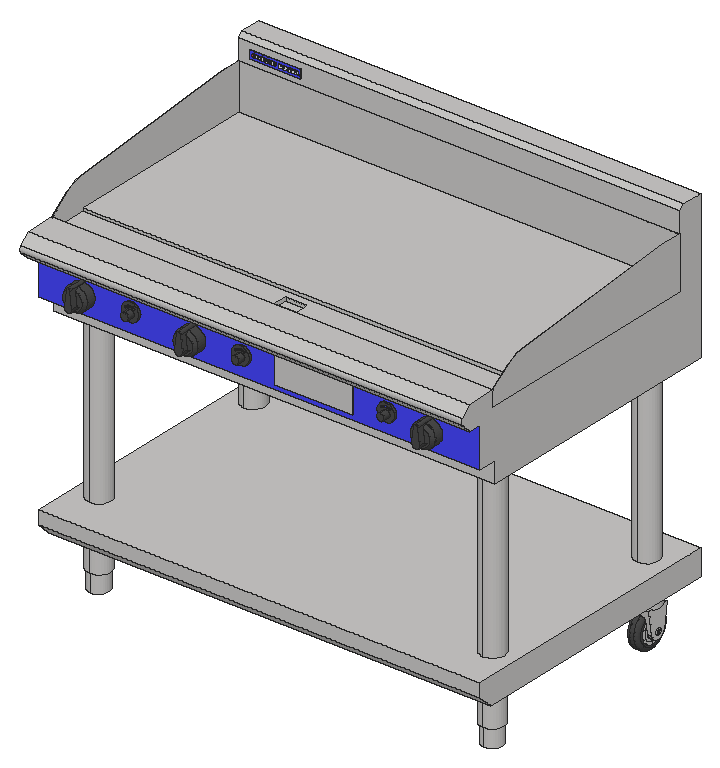
Revit family "QF_MOFFAT_BLUESEAL_CE_GP518-LS", category Specialty Equipment, Revit 2012
Parameters
  Weight in Pounds = 432  # constant formula
  Width [instance] = 1200 mm  # constant formula
  URL Cutsheet = "www.moffat.com"
  URL = "www.moffat.com"
  Type Mark [instance] = ""
  Status [instance] = ""
  Specification by User [instance] = ""
  Specification by Manufacturer = ""
  Show Logo [instance] = yes
  Show Casters [instance] = yes
  Serial Number = ""
  Seismic Rating = ""
  SMACNA No = ""
  Revision Code [instance] = ""
  Omniclass Number and Title = ""
  NAFEM Spec ID Number = ""
  Model = "GP518-LS"
  Mechanical Remarks = ""
  Mechanical Connection Type = ""
  Masterspec = ""
  Manufacturer = "MOFFAT BLUESEAL"
  Legs [instance] = not(Show Casters)  # no
  Item Number [instance] = ""
  Installed By [instance] = ""
  Identify Quantity as Lot [instance] = yes
  Height = 970 mm  # constant formula
  Gas Size = 3/4"
  Gas RI Height [instance] = 0 mm
  Gas KW = 31
  Gas Input = 105700.0 Btu/h
  Gas Connection Height = 0 mm
  Furnished By [instance] = ""
  Foodservice Equipment Identifier [instance] = yes
  Description = "1200MM GAS GRIDDLE PLATE ON LEG STAND"
  Depth [instance] = 812 mm  # constant formula
  CSI MasterFormat = ""
  CSI Master Format = ""
  Back Splash [instance] = 215 mm  # constant formula
Reference planes
  plane 1 "BACK": y = 0
  plane 2: z = 0
  plane 3 "LEFT": x = 0
  plane 4 "RIGHT": x = 1200
  plane 5 "FRONT": y = -812
  plane 6 "TOP": z = 970
  plane 7 "Center Y": x = 600
  plane 8 "Center X": y = -406
  plane 9 "Base Height": z = 150
  plane 10: z = 915
  plane 11: y = -625
  plane 12: y = -100
  plane 13: x = 1070
  plane 14: y = -32
  plane 15: z = 1085
  plane 16: x = 65.5
  plane 17: x = 1134.5
  plane 18: z = 655
Forms (mm)
  Extrusion 1, solid, material "QF_Finishes_Stainless Steel"
    sketch origin (0, 0, 0) x (0, 1, 0) y (0, 0, 1)
      loop
        line (0, 222.5) -> (-749, 222.5) -> (-749, 186) -> (-713, 150) -> (0, 150) -> (0, 222.5)
      loop
        line (0, 685) -> (0, 1085) -> (-57.5, 1085) -> (-70, 1072.5) -> (-70, 875) -> (-705, 875) -> (-705, 915) -> (-783.97, 915) -> (-808.485, 890.485)
        arc (-808.485, 890.485) -> (-811.999, 882) -> (-808.485, 873.515) r 12
        line (-808.485, 873.515) -> (-784.97, 850) -> (-749, 850) -> (-749, 740) -> (-699, 740) -> (-699, 685) -> (0, 685)
    from 0 to 1200
  Revolve 2, solid, material "QF_Finishes_Stainless Steel", visible <- "Legs"
    sketch origin (65, -210, 0) x (0, 1, 0) y (0, 0, -1)
      loop
        line (78.25, -150) -> (110, -150) -> (110, 0) -> (82.5, 0) -> (82.5, -50) -> (78.25, -50) -> (78.25, -150)
      axis (110, -150) -> (110, 0)
    angle from 0 to 360
  Revolve 3, solid, material "QF_Finishes_Stainless Steel"
    sketch origin (65, -735, 0) x (0, 1, 0) y (0, 0, -1)
      loop
        line (78.25, -150) -> (110, -150) -> (110, 0) -> (82.5, 0) -> (82.5, -50) -> (78.25, -50) -> (78.25, -150)
      axis (110, -150) -> (110, 0)
    angle from 0 to 360
  Revolve 4, solid, material "QF_Finishes_Black"
    sketch origin (127.5, 7, 597.8) x (0, 1, 0) y (0, 0, -1)
      loop
        line (-789, -229.5) -> (-766, -229.5) -> (-766, -202) -> (-756, -202) -> (-756, -197) -> (-800, -197) -> (-800, -223.651) -> (-789, -229.5)
      axis (-800, -197) -> (-756, -197)
    angle from 0 to 360
  Extrusion 5, solid, material "QF_Finishes_Black"
    sketch origin (115.851, 0, 597.958) x (-1, 0, 0) y (0, 0, -1)
      loop
        line (-22.15, -186.037) -> (-16.729, -228.955)
        arc (-16.729, -228.955) -> (-11.73, -233.842) -> (-6.732, -228.955) r 5
        line (-6.732, -228.955) -> (-1.243, -184.87)
        arc (-1.243, -184.87) -> (-12.315, -174.371) -> (-22.15, -186.037) r 10.487
    from 759 to 808
  Extrusion 6, solid, material "QF_Finishes_Stainless Steel"
    sketch origin (-38, -749, 866) x (0, 0, -1) y (1, 0, 0)
      loop
        line (25.201, 683) -> (112.1, 683) -> (112.1, 893) -> (25.201, 893) -> (25.201, 683)
    from 0 to 2.5
  Extrusion 7, solid, material "QF_Finishes_Stainless Steel"
    sketch origin (-38, -751.5, 866) x (0, 0, -1) y (1, 0, 0)
      loop
        line (32.201, 893) -> (25.201, 893) -> (25.201, 683) -> (32.201, 683) -> (32.201, 893)
    from 0 to 5
  Extrusion 8, solid, material "QF_Finishes_Stainless Steel"
    sketch origin (0, 0, 222.5) x (0, -1, 0) y (1, 0, 0)
      loop
        circle (100, 65) r 31.75
      loop
        circle (625, 65) r 31.75
      loop
        circle (100, 1135) r 31.75
      loop
        circle (625, 1135) r 31.75
    from 0 to 462.5
  Revolve 9, solid, material "QF_Finishes_Stainless Steel", visible <- "Legs"
    sketch origin (65.5, -166, 0) x (0, 1, 0) y (0, 0, 1)
      loop
        line (34.25, 150) -> (34.25, 50) -> (38.5, 50) -> (38.5, 0) -> (66, 0) -> (66, 150) -> (34.25, 150)
      axis (66, 150) -> (66, 0)
    angle from 0 to 360
  Revolve 10, solid, material "QF_Finishes_Stainless Steel", visible <- "Show Casters"
    sketch origin (16.276, -100.755, -13.653) x (1, 0, 0) y (0, 0, 1)
      loop
        line (14.841, 63.604) -> (83.584, 63.604) -> (83.584, 67.109) -> (82.314, 68.379) -> (80.79, 68.379) -> (80.79, 71.826) -> (68.644, 71.826) -> (68.644, 81.79) -> (65.088, 83.843) -> (63.738, 92.179) -> (65.881, 92.179) -> (65.881, 98.529) -> (65.088, 98.529) -> (65.088, 104.879)
        arc (65.088, 104.879) -> (62.298, 111.614) -> (55.563, 114.404) r 9.525
        line (55.563, 114.404) -> (42.863, 114.404)
        arc (42.863, 114.404) -> (36.127, 111.614) -> (33.338, 104.879) r 9.525
        line (33.338, 104.879) -> (33.338, 98.529) -> (32.544, 98.529) -> (32.544, 92.179) -> (34.687, 92.179) -> (33.352, 83.932) -> (29.782, 81.871) -> (29.782, 71.826) -> (17.635, 71.826) -> (17.635, 68.379) -> (16.111, 68.379) -> (14.841, 67.109) -> (14.841, 63.604)
      axis (14.841, 63.604) -> (83.584, 63.604)
    angle from 0 to 360
  Extrusion 11, solid, material "QF_Finishes_Stainless Steel", visible <- "Show Casters"
    sketch origin (72.001, 132.353, -8.783) x (0, 1, 0) y (0, 0, 1)
      loop
        line (-200.603, 118.783) -> (-264.103, 118.783) -> (-251.746, 53.895)
        arc (-251.746, 53.895) -> (-232.353, 38.783) -> (-212.959, 53.895) r 20
        line (-212.959, 53.895) -> (-200.603, 118.783)
    from -35.667 to 22.923
  Revolve 12, solid, material "QF_Finishes_Stainless Steel", visible <- "Show Casters"
    sketch origin (65.5, -204, 0) x (0, 1, 0) y (0, 0, 1)
      loop
        line (68.25, 150) -> (68.25, 110) -> (104, 110) -> (104, 150) -> (68.25, 150)
      axis (104, 150) -> (104, 110)
    angle from 0 to 360
  Revolve 13, solid, material "QF_Finishes_Stainless Steel", visible <- "Legs"
    sketch origin (65.5, -166, 0) x (0, 1, 0) y (0, 0, 1)
      loop
        line (34.25, 150) -> (34.25, 50) -> (38.5, 50) -> (38.5, 0) -> (66, 0) -> (66, 150) -> (34.25, 150)
      axis (66, 150) -> (66, 0)
    angle from 0 to 360
  Revolve 14, solid, material "QF_Finishes_Black"
    sketch origin (427.5, 7, 597.8) x (0, 1, 0) y (0, 0, -1)
      loop
        line (-789, -229.5) -> (-766, -229.5) -> (-766, -202) -> (-756, -202) -> (-756, -197) -> (-800, -197) -> (-800, -223.651) -> (-789, -229.5)
      axis (-800, -197) -> (-756, -197)
    angle from 0 to 360
  Extrusion 15, solid, material "QF_Finishes_Black"
    sketch origin (116.042, 0, 597.953) x (-1, 0, 0) y (0, 0, -1)
      loop
        line (-322.15, -186.037) -> (-316.729, -228.955)
        arc (-316.729, -228.955) -> (-311.73, -233.842) -> (-306.732, -228.955) r 5
        line (-306.732, -228.955) -> (-301.243, -184.87)
        arc (-301.243, -184.87) -> (-312.315, -174.371) -> (-322.15, -186.037) r 10.487
    from 759 to 808
  Revolve 16, solid, material "QF_Finishes_Stainless Steel", visible <- "Legs"
    sketch origin (1134, -210, 0) x (0, 1, 0) y (0, 0, -1)
      loop
        line (78.25, -150) -> (110, -150) -> (110, 0) -> (82.5, 0) -> (82.5, -50) -> (78.25, -50) -> (78.25, -150)
      axis (110, -150) -> (110, 0)
    angle from 0 to 360
  Revolve 17, solid, material "QF_Finishes_Stainless Steel"
    sketch origin (1134, -735, 0) x (0, 1, 0) y (0, 0, -1)
      loop
        line (78.25, -150) -> (110, -150) -> (110, 0) -> (82.5, 0) -> (82.5, -50) -> (78.25, -50) -> (78.25, -150)
      axis (110, -150) -> (110, 0)
    angle from 0 to 360
  Revolve 18, solid, material "QF_Finishes_Stainless Steel", visible <- "Legs"
    sketch origin (1134.5, -166, 0) x (0, 1, 0) y (0, 0, 1)
      loop
        line (34.25, 150) -> (34.25, 50) -> (38.5, 50) -> (38.5, 0) -> (66, 0) -> (66, 150) -> (34.25, 150)
      axis (66, 150) -> (66, 0)
    angle from 0 to 360
  Revolve 19, solid, material "QF_Finishes_Stainless Steel", visible <- "Show Casters"
    sketch origin (1085.276, -100.755, -13.653) x (1, 0, 0) y (0, 0, 1)
      loop
        line (14.841, 63.604) -> (83.584, 63.604) -> (83.584, 67.109) -> (82.314, 68.379) -> (80.79, 68.379) -> (80.79, 71.826) -> (68.644, 71.826) -> (68.644, 81.79) -> (65.088, 83.843) -> (63.738, 92.179) -> (65.881, 92.179) -> (65.881, 98.529) -> (65.088, 98.529) -> (65.088, 104.879)
        arc (65.088, 104.879) -> (62.298, 111.614) -> (55.563, 114.404) r 9.525
        line (55.563, 114.404) -> (42.863, 114.404)
        arc (42.863, 114.404) -> (36.127, 111.614) -> (33.338, 104.879) r 9.525
        line (33.338, 104.879) -> (33.338, 98.529) -> (32.544, 98.529) -> (32.544, 92.179) -> (34.687, 92.179) -> (33.352, 83.932) -> (29.782, 81.871) -> (29.782, 71.826) -> (17.635, 71.826) -> (17.635, 68.379) -> (16.111, 68.379) -> (14.841, 67.109) -> (14.841, 63.604)
      axis (14.841, 63.604) -> (83.584, 63.604)
    angle from 0 to 360
  Extrusion 20, solid, material "QF_Finishes_Stainless Steel", visible <- "Show Casters"
    sketch origin (1141.001, 132.353, -8.783) x (0, 1, 0) y (0, 0, 1)
      loop
        line (-200.603, 118.783) -> (-264.103, 118.783) -> (-251.746, 53.895)
        arc (-251.746, 53.895) -> (-232.353, 38.783) -> (-212.959, 53.895) r 20
        line (-212.959, 53.895) -> (-200.603, 118.783)
    from -35.667 to 22.923
  Revolve 21, solid, material "QF_Finishes_Stainless Steel", visible <- "Show Casters"
    sketch origin (1134.5, -204, 0) x (0, 1, 0) y (0, 0, 1)
      loop
        line (68.25, 150) -> (68.25, 110) -> (104, 110) -> (104, 150) -> (68.25, 150)
      axis (104, 150) -> (104, 110)
    angle from 0 to 360
  Revolve 22, solid, material "QF_Finishes_Stainless Steel", visible <- "Legs"
    sketch origin (1134.5, -166, 0) x (0, 1, 0) y (0, 0, 1)
      loop
        line (34.25, 150) -> (34.25, 50) -> (38.5, 50) -> (38.5, 0) -> (66, 0) -> (66, 150) -> (34.25, 150)
      axis (66, 150) -> (66, 0)
    angle from 0 to 360
  Revolve 23, solid, material "QF_Finishes_Black"
    sketch origin (1072.616, 7, 597.8) x (0, 1, 0) y (0, 0, -1)
      loop
        line (-789, -229.5) -> (-766, -229.5) -> (-766, -202) -> (-756, -202) -> (-756, -197) -> (-800, -197) -> (-800, -223.651) -> (-789, -229.5)
      axis (-800, -197) -> (-756, -197)
    angle from 0 to 360
  Extrusion 24, solid, material "QF_Finishes_Black"
    sketch origin (761.158, 0, 597.953) x (-1, 0, 0) y (0, 0, -1)
      loop
        line (-322.15, -186.037) -> (-316.729, -228.955)
        arc (-316.729, -228.955) -> (-311.73, -233.842) -> (-306.732, -228.955) r 5
        line (-306.732, -228.955) -> (-301.243, -184.87)
        arc (-301.243, -184.87) -> (-312.315, -174.371) -> (-322.15, -186.037) r 10.487
    from 759 to 808
  Extrusion 25, solid, material "QF_Finishes_Black"
    sketch origin (17.5, -749, 864.095) x (0, 0, -1) y (1, 0, 0)
      loop
        circle (70, 235) r 24
      loop
        arc (60.1, 249.913) -> (52.064, 235.125) -> (59.882, 220.219) r 17.868
        arc (59.882, 220.219) -> (60.362, 219.934) -> (60.877, 220.149) r 0.621
        arc (60.877, 220.149) -> (62.314, 222.708) -> (62.658, 225.622) r 7.495
        arc (62.658, 225.622) -> (62.454, 226.55) -> (62.006, 227.388) r 3.472
        arc (62.006, 227.388) -> (59.714, 234.851) -> (61.844, 242.362) r 13.786
        arc (61.844, 242.362) -> (62.484, 243.632) -> (62.749, 245.028) r 5.101
        arc (62.749, 245.028) -> (62.378, 247.547) -> (61.084, 249.739) r 6.611
        arc (61.084, 249.739) -> (60.622, 249.997) -> (60.1, 249.913) r 0.806
    from 0 to 5
  Extrusion 26, solid, material "QF_Finishes_Black"
    sketch origin (17.5, -754, 864.095) x (0, 0, -1) y (1, 0, 0)
      loop
        circle (73.5, 235) r 10
    from 0 to 18.251
  Extrusion 27, solid, material "QF_Finishes_Black"
    sketch origin (318.125, -749, 864.095) x (0, 0, -1) y (1, 0, 0)
      loop
        circle (70, 235) r 24
      loop
        arc (60.1, 249.913) -> (52.064, 235.125) -> (59.882, 220.219) r 17.868
        arc (59.882, 220.219) -> (60.362, 219.934) -> (60.877, 220.149) r 0.621
        arc (60.877, 220.149) -> (62.314, 222.708) -> (62.658, 225.622) r 7.495
        arc (62.658, 225.622) -> (62.454, 226.55) -> (62.006, 227.388) r 3.472
        arc (62.006, 227.388) -> (59.714, 234.851) -> (61.844, 242.362) r 13.786
        arc (61.844, 242.362) -> (62.484, 243.632) -> (62.749, 245.028) r 5.101
        arc (62.749, 245.028) -> (62.378, 247.547) -> (61.084, 249.739) r 6.611
        arc (61.084, 249.739) -> (60.622, 249.997) -> (60.1, 249.913) r 0.806
    from 0 to 5
  Extrusion 28, solid, material "QF_Finishes_Black"
    sketch origin (318.125, -754, 864.095) x (0, 0, -1) y (1, 0, 0)
      loop
        circle (73.5, 235) r 10
    from 0 to 18.251
  Extrusion 29, solid, material "QF_Finishes_Black"
    sketch origin (713.125, -749, 864.095) x (0, 0, -1) y (1, 0, 0)
      loop
        circle (70, 235) r 24
      loop
        arc (60.1, 249.913) -> (52.064, 235.125) -> (59.882, 220.219) r 17.868
        arc (59.882, 220.219) -> (60.362, 219.934) -> (60.877, 220.149) r 0.621
        arc (60.877, 220.149) -> (62.314, 222.708) -> (62.658, 225.622) r 7.495
        arc (62.658, 225.622) -> (62.454, 226.55) -> (62.006, 227.388) r 3.472
        arc (62.006, 227.388) -> (59.714, 234.851) -> (61.844, 242.362) r 13.786
        arc (61.844, 242.362) -> (62.484, 243.632) -> (62.749, 245.028) r 5.101
        arc (62.749, 245.028) -> (62.378, 247.547) -> (61.084, 249.739) r 6.611
        arc (61.084, 249.739) -> (60.622, 249.997) -> (60.1, 249.913) r 0.806
    from 0 to 5
  Extrusion 30, solid, material "QF_Finishes_Black"
    sketch origin (713.125, -754, 864.095) x (0, 0, -1) y (1, 0, 0)
      loop
        circle (73.5, 235) r 10
    from 0 to 18.251
  Extrusion 31, solid, material "QF_Finishes_Stainless Steel"
    sketch origin (0, -706, 685) x (1, 0, 0) y (0, -1, 0)
      loop
        circle (1070, -674) r 9.525
    from 0 to 30
Cuts and joins
  joined: Extrusion 6, Extrusion 7
Lines and regions (mm)
  Split face 1
    outline origin (457, -751.5, 753.9) x (1, 0, 0) y (0, 0, 1)
      loop
        arc (300, 69) -> (304, 73) -> (300, 77) r 4
        line (300, 77) -> (286, 77)
        arc (286, 77) -> (282, 73) -> (286, 69) r 4
        line (286, 69) -> (300, 69)
  symbolic lines
    curve 1: line (0, 0, 0) -> (0, -812, 0)
    curve 2: line (1200, 0, 0) -> (0, 0, 0)
    curve 3: line (1200, -812, 0) -> (1200, 0, 0)
    curve 4: line (0, -70, 0) -> (1200, -70, 0)
    curve 5: line (0, -812, 0) -> (1200, -812, 0)
    curve 10: line (0, -57.5, 0) -> (1200, -57.5, 0)
    curve 11: line (0, -783.97, 0) -> (1200, -783.97, 0)
    curve 12: line (636.021, -18.385, 0) -> (863.979, -18.385, 0)
    curve 13: arc (863.979, -18.385, 0) -> (868.979, -19.725, 0) -> (872.64, -23.385, 0) r 10
    curve 14: line (872.64, -23.385, 0) -> (876.681, -30.385, 0)
    curve 15: arc (876.681, -30.385, 0) -> (876.681, -40.385, 0) -> (868.021, -45.385, 0) r 10
    curve 16: line (868.021, -45.385, 0) -> (640.062, -45.385, 0)
    curve 17: arc (640.062, -45.385, 0) -> (635.062, -44.045, 0) -> (631.402, -40.385, 0) r 10
    curve 18: line (631.402, -40.385, 0) -> (627.36, -33.385, 0)
    curve 19: arc (627.36, -33.385, 0) -> (627.36, -23.385, 0) -> (636.021, -18.385, 0) r 10
    curve 20: line (336.021, -18.385, 0) -> (563.979, -18.385, 0)
    curve 21: arc (563.979, -18.385, 0) -> (568.979, -19.725, 0) -> (572.64, -23.385, 0) r 10
    curve 22: line (572.64, -23.385, 0) -> (576.681, -30.385, 0)
    curve 23: arc (576.681, -30.385, 0) -> (576.681, -40.385, 0) -> (568.021, -45.385, 0) r 10
    curve 24: line (568.021, -45.385, 0) -> (340.062, -45.385, 0)
    curve 25: arc (340.062, -45.385, 0) -> (335.062, -44.045, 0) -> (331.402, -40.385, 0) r 10
    curve 26: line (331.402, -40.385, 0) -> (327.36, -33.385, 0)
    curve 27: arc (327.36, -33.385, 0) -> (327.36, -23.385, 0) -> (336.021, -18.385, 0) r 10
    curve 28: line (44, -18.385, 0) -> (271.959, -18.385, 0)
    curve 29: arc (271.959, -18.385, 0) -> (276.959, -19.725, 0) -> (280.619, -23.385, 0) r 10
    curve 30: line (280.619, -23.385, 0) -> (284.66, -30.385, 0)
    curve 31: arc (284.66, -30.385, 0) -> (284.66, -40.385, 0) -> (276, -45.385, 0) r 10
    curve 32: line (276, -45.385, 0) -> (48.041, -45.385, 0)
    curve 33: arc (48.041, -45.385, 0) -> (43.041, -44.045, 0) -> (39.381, -40.385, 0) r 10
    curve 34: line (39.381, -40.385, 0) -> (35.34, -33.385, 0)
    curve 35: arc (35.34, -33.385, 0) -> (35.34, -23.385, 0) -> (44, -18.385, 0) r 10
    curve 36: line (1161.959, -18.385, 0) -> (934, -18.385, 0)
    curve 37: arc (934, -18.385, 0) -> (925.34, -23.385, 0) -> (925.34, -33.385, 0) r 10
    curve 38: line (925.34, -33.385, 0) -> (929.381, -40.385, 0)
    curve 39: arc (929.381, -40.385, 0) -> (933.041, -44.045, 0) -> (938.041, -45.385, 0) r 10
    curve 40: line (938.041, -45.385, 0) -> (1166, -45.385, 0)
    curve 41: arc (1166, -45.385, 0) -> (1174.66, -40.385, 0) -> (1174.66, -30.385, 0) r 10
    curve 42: line (1174.66, -30.385, 0) -> (1170.619, -23.385, 0)
    curve 43: arc (1170.619, -23.385, 0) -> (1166.959, -19.725, 0) -> (1161.959, -18.385, 0) r 10
  symbolic lines, style "SpecialityEquipmentHiddenLines", visible <- "Show Casters"
    curve 6: line (78.456, -46.735, 0) -> (105.952, -62.61, 0)
    curve 7: line (27.656, -134.723, 0) -> (78.456, -46.735, 0)
    curve 8: line (55.152, -150.598, 0) -> (27.656, -134.723, 0)
    curve 9: line (105.952, -62.61, 0) -> (55.152, -150.598, 0)
    curve 44: line (1147.456, -46.735, 0) -> (1174.952, -62.61, 0)
    curve 45: line (1096.656, -134.723, 0) -> (1147.456, -46.735, 0)
    curve 46: line (1124.152, -150.598, 0) -> (1096.656, -134.723, 0)
    curve 47: line (1174.952, -62.61, 0) -> (1124.152, -150.598, 0)
Dimensions and locks
  equal spacing: plane 3 "LEFT", plane 7 "Center Y", plane 4 "RIGHT"
  "Width": plane 3 "LEFT" to plane 4 "RIGHT"
  equal spacing: plane 5 "FRONT", plane 8 "Center X", plane 1 "BACK"
  "Depth": plane 5 "FRONT" to plane 1 "BACK"
  locked: plane 10 to level at 915
  locked: plane 9 "Base Height" to level at 150
  plane 6 "TOP" to plane 10 = 55 mm
  plane 11 to plane 12 = 525 mm
  plane 13 to plane 4 "RIGHT" = 130 mm
  plane 14 to plane 1 "BACK" = 32 mm
  plane 15 to plane 2 = 1085 mm
  Revolve 10 sketch curve to Revolve 10 sketch curve = 50.8 mm
  Revolve 19 sketch curve to Revolve 19 sketch curve = 50.8 mm
  plane 18 to level = 655 mm
  Extrusion 31 sketch curve to plane 4 "RIGHT" = 130 mm
  aligned and locked: level to plane 2
Automatic sketch dimensions
  Extrusion 1 sketch curve to plane 10 = 0 mm
  Extrusion 1 sketch curve to plane 9 "Base Height" = 0 mm
  Extrusion 1 sketch curve to plane 15 = 0 mm
  Extrusion 1 sketch curve to plane 1 "BACK" = 0 mm  (x2)
  Extrusion 1 sketch curve to plane 14 = 25.5 mm
  plane 12 to Extrusion 1 sketch curve = 30 mm
  Extrusion 1 sketch curve to plane 11 = 74 mm
  Extrusion 1 sketch curve to plane 10 = 40 mm
  Extrusion 1 sketch curve to plane 11 = 80 mm
  Extrusion 1 sketch curve to plane 11 = 88 mm
  Extrusion 1 sketch curve to Extrusion 1 sketch curve = 44 mm
  Extrusion 1 sketch curve to Extrusion 1 sketch curve = 36 mm
  Extrusion 1 sketch curve to plane 5 "FRONT" = 28.03 mm
  Extrusion 1 sketch curve to plane 5 "FRONT" = 27.03 mm
  Extrusion 1 sketch curve to plane 5 "FRONT" = 12.001 mm
  Extrusion 1 sketch curve to plane 5 "FRONT" = 3.515 mm  (x2)
  plane 9 "Base Height" to Extrusion 1 sketch curve = 36 mm
  Extrusion 1 sketch curve to Extrusion 1 sketch curve = 36.5 mm
  Extrusion 1 sketch curve to plane 10 = 65 mm
  Extrusion 1 sketch curve to Extrusion 1 sketch curve = 23.515 mm
  Extrusion 1 sketch curve to Extrusion 1 sketch curve = 8.485 mm
  Extrusion 1 sketch curve to plane 15 = 12.5 mm
  Revolve 2 sketch curve to plane 9 "Base Height" = 0 mm
  Revolve 2 sketch curve to level = 0 mm
  Revolve 2 sketch curve to plane 12 = 0 mm  (x2)
  Revolve 2 sketch curve to plane 12 = 27.5 mm
  Revolve 2 sketch curve to plane 12 = 31.75 mm
  level to Revolve 2 sketch curve = 50 mm
  Revolve 2 sketch curve to Revolve 2 sketch curve = 0 mm
  Revolve 2 sketch curve to Revolve 2 sketch curve = 55 mm
  Revolve 3 sketch curve to plane 9 "Base Height" = 0 mm
  Revolve 3 sketch curve to level = 0 mm
  Revolve 3 sketch curve to plane 11 = 0 mm  (x2)
  Revolve 3 sketch curve to plane 11 = 27.5 mm
  Revolve 3 sketch curve to plane 11 = 31.75 mm
  level to Revolve 3 sketch curve = 50 mm
  Revolve 3 sketch curve to Revolve 3 sketch curve = 0 mm
  Revolve 3 sketch curve to Revolve 3 sketch curve = 55 mm
  Revolve 4 sketch curve to plane 5 "FRONT" = 19 mm
  Revolve 4 sketch curve to Revolve 4 sketch curve = 0 mm  (x2)
  Revolve 4 sketch curve to Revolve 4 sketch curve = 11 mm
  Revolve 4 sketch curve to Revolve 4 sketch curve = 12.7 mm
  Revolve 4 sketch curve to Revolve 4 sketch curve = 23 mm
  Revolve 4 sketch curve to Revolve 4 sketch curve = 10 mm
  Revolve 4 sketch curve to Revolve 4 sketch curve = 5.849 mm
  Revolve 4 sketch curve to Revolve 4 sketch curve = 27.5 mm
  Revolve 4 sketch curve to Revolve 4 sketch curve = 5 mm
  plane 16 to Extrusion 5 sketch curve = 72.5 mm
  Extrusion 5 sketch curve to Extrusion 5 sketch curve = 5.421 mm
  Extrusion 5 sketch curve to Extrusion 5 sketch curve = 10.419 mm
  Extrusion 5 sketch curve to Extrusion 5 sketch curve = 4.999 mm  (x2)
  Extrusion 5 sketch curve to Extrusion 5 sketch curve = 10.487 mm
  Extrusion 5 sketch curve to Extrusion 5 sketch curve = 0.113 mm
  Extrusion 5 sketch curve to Extrusion 5 sketch curve = 1.167 mm
  Extrusion 6 sketch curve to plane 10 = 74.201 mm
  plane 7 "Center Y" to Extrusion 6 sketch curve = 45 mm
  Extrusion 6 sketch curve to plane 13 = 215 mm
  Extrusion 7 sketch curve to Extrusion 6 = 0 mm  (x2)
  Extrusion 6 to Extrusion 7 sketch curve = 0 mm
  Extrusion 7 sketch curve to Extrusion 6 = 7 mm
  Extrusion 8 sketch curve to Extrusion 8 sketch curve = 0 mm  (x8)
  Extrusion 8 sketch curve to plane 12 = 0 mm  (x2)
  Extrusion 8 sketch curve to plane 11 = 0 mm  (x2)
  Extrusion 8 sketch curve to plane 17 = 0.5 mm  (x2)
  Extrusion 8 sketch curve to Extrusion 8 sketch curve = 31.75 mm
  Extrusion 8 sketch curve to plane 16 = 0.5 mm  (x2)
  plane 12 to Extrusion 8 sketch curve = 31.75 mm
  plane 11 to Extrusion 8 sketch curve = 31.75 mm  (x2)
  Revolve 9 sketch curve to plane 9 "Base Height" = 0 mm
  Revolve 9 sketch curve to level = 0 mm
  Revolve 9 sketch curve to plane 12 = 0 mm  (x2)
  Revolve 9 sketch curve to plane 12 = 27.5 mm
  Revolve 9 sketch curve to plane 12 = 31.75 mm
  Revolve 9 sketch curve to Revolve 9 sketch curve = 55 mm
  level to Revolve 9 sketch curve = 50 mm
  Revolve 9 sketch curve to Revolve 9 sketch curve = 0 mm
  plane 3 "LEFT" to Revolve 10 sketch curve = 31.118 mm
  Revolve 10 sketch curve to Revolve 10 sketch curve = 1.27 mm  (x4)
  Revolve 10 sketch curve to Revolve 10 sketch curve = 1.524 mm  (x2)
  Revolve 10 sketch curve to Revolve 10 sketch curve = 12.146 mm  (x2)
  Revolve 10 sketch curve to plane 16 = 16.68 mm
  Revolve 10 sketch curve to Revolve 10 sketch curve = 0.794 mm  (x2)
  Revolve 10 sketch curve to Revolve 10 sketch curve = 3.57 mm
  Revolve 10 sketch curve to Revolve 10 sketch curve = 2.143 mm
  Revolve 10 sketch curve to plane 16 = 6.361 mm
  plane 16 to Revolve 10 sketch curve = 5.13 mm
  plane 16 to Revolve 10 sketch curve = 6.339 mm
  plane 16 to Revolve 10 sketch curve = 14.515 mm
  Revolve 10 sketch curve to Revolve 10 sketch curve = 1.349 mm  (x2)
  Revolve 10 sketch curve to Revolve 10 sketch curve = 3.556 mm
  Revolve 10 sketch curve to Revolve 10 sketch curve = 33.32 mm
  level to Revolve 10 sketch curve = 49.952 mm
  Revolve 10 sketch curve to Revolve 10 sketch curve = 0 mm
  Revolve 10 sketch curve to Revolve 10 sketch curve = 3.505 mm  (x2)
  Revolve 10 sketch curve to Revolve 10 sketch curve = 3.447 mm  (x2)
  Revolve 10 sketch curve to Revolve 10 sketch curve = 9.964 mm
  Revolve 10 sketch curve to Revolve 10 sketch curve = 10.045 mm
  Revolve 10 sketch curve to Revolve 10 sketch curve = 2.053 mm
  Revolve 10 sketch curve to Revolve 10 sketch curve = 2.061 mm
  Revolve 10 sketch curve to Revolve 10 sketch curve = 8.247 mm
  Revolve 10 sketch curve to Revolve 10 sketch curve = 8.336 mm
  Revolve 10 sketch curve to Revolve 10 sketch curve = 6.35 mm  (x2)
  Extrusion 11 sketch curve to plane 12 = 0 mm
  Extrusion 11 sketch curve to plane 12 = 19.393 mm
  Extrusion 11 sketch curve to plane 12 = 31.75 mm
  plane 12 to Extrusion 11 sketch curve = 19.393 mm
  plane 12 to Extrusion 11 sketch curve = 31.75 mm
  level to Extrusion 11 sketch curve = 45.111 mm
  Extrusion 11 sketch curve to Extrusion 11 sketch curve = 4.889 mm
  Extrusion 11 sketch curve to plane 9 "Base Height" = 40 mm
  Revolve 12 sketch curve to plane 9 "Base Height" = 0 mm
  Revolve 12 sketch curve to plane 12 = 0 mm  (x2)
  Revolve 12 sketch curve to plane 12 = 35.75 mm
  Revolve 12 sketch curve to plane 9 "Base Height" = 40 mm
  level to Revolve 12 sketch curve = 50 mm
  Revolve 12 sketch curve to level = 55 mm
  Revolve 13 sketch curve to plane 9 "Base Height" = 0 mm
  Revolve 13 sketch curve to level = 0 mm
  Revolve 13 sketch curve to plane 12 = 0 mm  (x2)
  Revolve 13 sketch curve to plane 12 = 27.5 mm
  Revolve 13 sketch curve to Revolve 13 sketch curve = 31.75 mm
  Revolve 13 sketch curve to Revolve 13 sketch curve = 55 mm
  level to Revolve 13 sketch curve = 50 mm
  Revolve 13 sketch curve to Revolve 13 sketch curve = 0 mm
  cut or joined group of Extrusion 6, Extrusion 7 to Split face 1 sketch curve = 10.899 mm
  Split face 1 sketch curve to cut or joined group of Extrusion 6, Extrusion 7 = 98 mm
  Split face 1 sketch curve to Split face 1 sketch curve = 14 mm
  Split face 1 sketch curve to Split face 1 sketch curve = 4 mm
  Revolve 14 sketch curve to plane 5 "FRONT" = 19 mm
  Revolve 14 sketch curve to Revolve 14 sketch curve = 0 mm  (x2)
  Revolve 14 sketch curve to Revolve 14 sketch curve = 11 mm
  Revolve 14 sketch curve to Revolve 14 sketch curve = 12.7 mm
  Revolve 14 sketch curve to Revolve 14 sketch curve = 23 mm
  Revolve 14 sketch curve to Revolve 14 sketch curve = 10 mm
  Revolve 14 sketch curve to Revolve 14 sketch curve = 5.849 mm
  Revolve 14 sketch curve to Revolve 14 sketch curve = 27.5 mm
  Revolve 14 sketch curve to Revolve 14 sketch curve = 5 mm
  Extrusion 15 sketch curve to plane 7 "Center Y" = 161.809 mm
  Extrusion 15 sketch curve to plane 7 "Center Y" = 167.229 mm
  Extrusion 15 sketch curve to plane 7 "Center Y" = 172.228 mm  (x2)
  Extrusion 15 sketch curve to plane 7 "Center Y" = 177.226 mm
  Extrusion 15 sketch curve to plane 7 "Center Y" = 182.715 mm
  Extrusion 15 sketch curve to Extrusion 15 sketch curve = 0.113 mm
  Extrusion 15 sketch curve to Extrusion 15 sketch curve = 42.919 mm
  Extrusion 15 sketch curve to Extrusion 15 sketch curve = 1.167 mm
  Revolve 16 sketch curve to plane 9 "Base Height" = 0 mm
  Revolve 16 sketch curve to level = 0 mm
  Revolve 16 sketch curve to plane 12 = 0 mm  (x2)
  Revolve 16 sketch curve to plane 12 = 27.5 mm
  Revolve 16 sketch curve to plane 12 = 31.75 mm
  level to Revolve 16 sketch curve = 50 mm
  Revolve 16 sketch curve to Revolve 16 sketch curve = 0 mm
  Revolve 16 sketch curve to Revolve 16 sketch curve = 55 mm
  Revolve 17 sketch curve to plane 9 "Base Height" = 0 mm
  Revolve 17 sketch curve to level = 0 mm
  Revolve 17 sketch curve to plane 11 = 0 mm  (x2)
  Revolve 17 sketch curve to plane 11 = 27.5 mm
  Revolve 17 sketch curve to plane 11 = 31.75 mm
  level to Revolve 17 sketch curve = 50 mm
  Revolve 17 sketch curve to Revolve 17 sketch curve = 0 mm
  Revolve 17 sketch curve to Revolve 17 sketch curve = 55 mm
  Revolve 18 sketch curve to plane 9 "Base Height" = 0 mm
  Revolve 18 sketch curve to level = 0 mm
  Revolve 18 sketch curve to plane 12 = 0 mm  (x2)
  Revolve 18 sketch curve to plane 12 = 27.5 mm
  Revolve 18 sketch curve to plane 12 = 31.75 mm
  Revolve 18 sketch curve to Revolve 18 sketch curve = 55 mm
  level to Revolve 18 sketch curve = 50 mm
  Revolve 18 sketch curve to Revolve 18 sketch curve = 0 mm
  plane 13 to Revolve 19 sketch curve = 30.118 mm
  Revolve 19 sketch curve to Revolve 19 sketch curve = 1.27 mm  (x4)
  Revolve 19 sketch curve to Revolve 19 sketch curve = 1.524 mm  (x2)
  Revolve 19 sketch curve to Revolve 19 sketch curve = 12.146 mm  (x2)
  plane 17 to Revolve 19 sketch curve = 16.68 mm
  Revolve 19 sketch curve to Revolve 19 sketch curve = 0.794 mm  (x2)
  Revolve 19 sketch curve to Revolve 19 sketch curve = 3.57 mm
  Revolve 19 sketch curve to Revolve 19 sketch curve = 2.143 mm
  plane 17 to Revolve 19 sketch curve = 6.361 mm
  Revolve 19 sketch curve to plane 17 = 5.13 mm
  Revolve 19 sketch curve to plane 17 = 6.339 mm
  Revolve 19 sketch curve to plane 17 = 14.515 mm
  Revolve 19 sketch curve to Revolve 19 sketch curve = 1.349 mm  (x2)
  Revolve 19 sketch curve to Revolve 19 sketch curve = 3.556 mm
  Revolve 19 sketch curve to plane 4 "RIGHT" = 2.18 mm
  level to Revolve 19 sketch curve = 49.952 mm
  Revolve 19 sketch curve to Revolve 19 sketch curve = 0 mm
  Revolve 19 sketch curve to Revolve 19 sketch curve = 3.505 mm  (x2)
  Revolve 19 sketch curve to Revolve 19 sketch curve = 3.447 mm  (x2)
  Revolve 19 sketch curve to Revolve 19 sketch curve = 9.964 mm
  Revolve 19 sketch curve to Revolve 19 sketch curve = 10.045 mm
  Revolve 19 sketch curve to Revolve 19 sketch curve = 2.053 mm
  Revolve 19 sketch curve to Revolve 19 sketch curve = 2.061 mm
  Revolve 19 sketch curve to Revolve 19 sketch curve = 8.247 mm
  Revolve 19 sketch curve to Revolve 19 sketch curve = 8.336 mm
  Revolve 19 sketch curve to Revolve 19 sketch curve = 6.35 mm  (x2)
  Extrusion 20 sketch curve to plane 12 = 0 mm
  Extrusion 20 sketch curve to plane 12 = 19.393 mm
  Extrusion 20 sketch curve to plane 12 = 31.75 mm
  plane 12 to Extrusion 20 sketch curve = 19.393 mm
  plane 12 to Extrusion 20 sketch curve = 31.75 mm
  level to Extrusion 20 sketch curve = 45.111 mm
  Extrusion 20 sketch curve to Extrusion 20 sketch curve = 4.889 mm
  Extrusion 20 sketch curve to plane 9 "Base Height" = 40 mm
  Revolve 21 sketch curve to plane 9 "Base Height" = 0 mm
  Revolve 21 sketch curve to plane 12 = 0 mm  (x2)
  Revolve 21 sketch curve to plane 12 = 35.75 mm
  Revolve 21 sketch curve to plane 9 "Base Height" = 40 mm
  level to Revolve 21 sketch curve = 50 mm
  Revolve 21 sketch curve to level = 55 mm
  Revolve 22 sketch curve to plane 9 "Base Height" = 0 mm
  Revolve 22 sketch curve to level = 0 mm
  Revolve 22 sketch curve to plane 12 = 0 mm  (x2)
  Revolve 22 sketch curve to plane 12 = 27.5 mm
  Revolve 22 sketch curve to Revolve 22 sketch curve = 31.75 mm
  Revolve 22 sketch curve to Revolve 22 sketch curve = 55 mm
  level to Revolve 22 sketch curve = 50 mm
  Revolve 22 sketch curve to Revolve 22 sketch curve = 0 mm
  Revolve 23 sketch curve to plane 5 "FRONT" = 19 mm
  Revolve 23 sketch curve to Revolve 23 sketch curve = 0 mm  (x2)
  Revolve 23 sketch curve to Revolve 23 sketch curve = 11 mm
  Revolve 23 sketch curve to Revolve 23 sketch curve = 12.7 mm
  Revolve 23 sketch curve to Revolve 23 sketch curve = 23 mm
  Revolve 23 sketch curve to Revolve 23 sketch curve = 10 mm
  Revolve 23 sketch curve to Revolve 23 sketch curve = 5.849 mm
  Revolve 23 sketch curve to Revolve 23 sketch curve = 27.5 mm
  Revolve 23 sketch curve to Revolve 23 sketch curve = 5 mm
  plane 13 to Extrusion 24 sketch curve = 13.307 mm
  Extrusion 24 sketch curve to Extrusion 24 sketch curve = 5.421 mm
  Extrusion 24 sketch curve to Extrusion 24 sketch curve = 10.419 mm
  Extrusion 24 sketch curve to Extrusion 24 sketch curve = 4.999 mm  (x2)
  Extrusion 24 sketch curve to Extrusion 24 sketch curve = 10.487 mm
  Extrusion 24 sketch curve to Extrusion 24 sketch curve = 0.113 mm
  Extrusion 24 sketch curve to Extrusion 24 sketch curve = 42.919 mm
  Extrusion 24 sketch curve to Extrusion 24 sketch curve = 1.167 mm
  Extrusion 1 sketch curve to Extrusion 1 sketch curve = 55 mm
  plane 1 "BACK" to curve 1 = 0 mm
  curve 1 to plane 3 "LEFT" = 0 mm
  curve 4 to plane 4 "RIGHT" = 0 mm
  plane 5 "FRONT" to curve 1 = 0 mm
  plane 3 "LEFT" to curve 7 = 27.656 mm
  curve 35 to plane 14 = 1.385 mm
  curve 35 to plane 16 = 30.16 mm
  curve 34 to curve 33 = 4.041 mm
  plane 14 to curve 28 = 13.615 mm
  curve 35 to curve 28 = 8.66 mm
  curve 33 to plane 14 = 3.385 mm
  curve 35 to curve 33 = 4.041 mm
  curve 9 to plane 16 = 10.348 mm
  plane 16 to curve 6 = 12.956 mm
  plane 14 to curve 29 = 3.615 mm
  curve 6 to curve 29 = 166.007 mm
  curve 31 to plane 14 = 3.385 mm
  curve 29 to curve 31 = 4.041 mm  (x2)
  plane 14 to curve 30 = 8.615 mm
  plane 14 to curve 31 = 1.615 mm
  curve 26 to plane 14 = 1.385 mm
  curve 30 to curve 26 = 42.7 mm
  curve 26 to plane 14 = 8.385 mm
  curve 26 to curve 26 = 4.041 mm
  plane 14 to curve 27 = 13.615 mm
  curve 27 to curve 27 = 8.66 mm
  curve 25 to plane 14 = 3.385 mm
  curve 27 to curve 25 = 4.041 mm
  curve 21 to plane 7 "Center Y" = 36.021 mm
  curve 21 to curve 24 = 4.041 mm
  plane 14 to curve 21 = 8.615 mm
  curve 21 to curve 21 = 8.66 mm
  plane 14 to curve 23 = 1.615 mm
  curve 22 to curve 23 = 4.041 mm
  curve 19 to plane 14 = 1.385 mm
  plane 7 "Center Y" to curve 19 = 27.36 mm
  curve 18 to plane 14 = 8.385 mm
  curve 18 to curve 18 = 4.041 mm
  plane 14 to curve 19 = 3.615 mm
  curve 18 to curve 19 = 8.66 mm
  curve 17 to curve 16 = 8.66 mm
  curve 12 to plane 13 = 206.021 mm
  curve 13 to curve 16 = 4.041 mm
  plane 14 to curve 14 = 8.615 mm
  curve 13 to curve 14 = 8.66 mm
  plane 14 to curve 15 = 1.615 mm
  curve 13 to curve 15 = 4.041 mm
  curve 37 to plane 14 = 1.385 mm
  curve 15 to curve 37 = 48.659 mm
  curve 38 to curve 39 = 4.041 mm
  curve 37 to curve 37 = 8.66 mm
  curve 39 to plane 14 = 3.385 mm
  curve 37 to curve 39 = 4.041 mm
  plane 13 to curve 46 = 26.656 mm
  plane 17 to curve 46 = 10.348 mm
  curve 45 to plane 17 = 12.956 mm
  plane 14 to curve 36 = 13.615 mm
  curve 36 to plane 17 = 27.459 mm
  curve 43 to curve 41 = 4.041 mm
  plane 14 to curve 42 = 8.615 mm
  curve 43 to curve 42 = 8.66 mm
  plane 14 to curve 42 = 1.615 mm
  curve 42 to curve 42 = 4.041 mm
  curve 11 to plane 5 "FRONT" = 28.03 mm
  curve 46 to plane 12 = 50.598 mm
  curve 9 to plane 12 = 50.598 mm
  curve 46 to curve 46 = 15.875 mm
  curve 8 to curve 8 = 15.875 mm
  curve 4 to curve 44 = 7.39 mm
  curve 4 to curve 10 = 12.5 mm
  curve 41 to plane 14 = 13.385 mm
  curve 15 to plane 14 = 13.385 mm
  plane 9 "Base Height" to Extrusion 25 sketch curve = 658.908 mm
  Extrusion 25 sketch curve to Extrusion 25 sketch curve = 0.958 mm
  Extrusion 25 sketch curve to Extrusion 25 sketch curve = 1.509 mm
  Extrusion 25 sketch curve to Extrusion 25 sketch curve = 4.01 mm
  Extrusion 25 sketch curve to Extrusion 25 sketch curve = 0.685 mm
  Extrusion 25 sketch curve to Extrusion 25 sketch curve = 2.447 mm
  Extrusion 25 sketch curve to Extrusion 25 sketch curve = 0.524 mm
  Extrusion 25 sketch curve to Extrusion 25 sketch curve = 0.381 mm
  Extrusion 25 sketch curve to Extrusion 25 sketch curve = 0.472 mm
  Extrusion 25 sketch curve to Extrusion 25 sketch curve = 0 mm  (x5)
  Extrusion 25 sketch curve to Extrusion 25 sketch curve = 0.602 mm
  Extrusion 25 sketch curve to Extrusion 25 sketch curve = 4.19 mm
  Extrusion 25 sketch curve to Extrusion 25 sketch curve = 2.809 mm
  Extrusion 25 sketch curve to Extrusion 25 sketch curve = 0.652 mm
  Extrusion 25 sketch curve to Extrusion 25 sketch curve = 0.905 mm
  Extrusion 25 sketch curve to Extrusion 25 sketch curve = 8.087 mm
  Extrusion 25 sketch curve to Extrusion 25 sketch curve = 0.069 mm
  Extrusion 25 sketch curve to Extrusion 25 sketch curve = 3.5 mm
  plane 16 to Extrusion 25 sketch curve = 172.149 mm
  Extrusion 25 sketch curve to Extrusion 25 sketch curve = 0.07 mm
  Extrusion 25 sketch curve to Extrusion 25 sketch curve = 7.606 mm
  Extrusion 25 sketch curve to Extrusion 25 sketch curve = 0.007 mm
  plane 9 "Base Height" to Extrusion 27 sketch curve = 658.908 mm
  Extrusion 27 sketch curve to Extrusion 27 sketch curve = 0.958 mm
  Extrusion 27 sketch curve to Extrusion 27 sketch curve = 1.509 mm
  Extrusion 27 sketch curve to Extrusion 27 sketch curve = 4.01 mm
  Extrusion 27 sketch curve to Extrusion 27 sketch curve = 0.685 mm
  Extrusion 27 sketch curve to Extrusion 27 sketch curve = 2.447 mm
  Extrusion 27 sketch curve to Extrusion 27 sketch curve = 0.524 mm
  Extrusion 27 sketch curve to Extrusion 27 sketch curve = 0.381 mm
  Extrusion 27 sketch curve to Extrusion 27 sketch curve = 0.472 mm
  Extrusion 27 sketch curve to Extrusion 27 sketch curve = 0 mm  (x5)
  Extrusion 27 sketch curve to Extrusion 27 sketch curve = 0.602 mm
  Extrusion 27 sketch curve to Extrusion 27 sketch curve = 4.19 mm
  Extrusion 27 sketch curve to Extrusion 27 sketch curve = 2.809 mm
  Extrusion 27 sketch curve to Extrusion 27 sketch curve = 0.652 mm
  Extrusion 27 sketch curve to Extrusion 27 sketch curve = 0.905 mm
  Extrusion 27 sketch curve to Extrusion 27 sketch curve = 8.087 mm
  Extrusion 27 sketch curve to Extrusion 27 sketch curve = 0.069 mm
  Extrusion 27 sketch curve to Extrusion 27 sketch curve = 3.5 mm
  Extrusion 27 sketch curve to plane 7 "Center Y" = 61.726 mm
  Extrusion 27 sketch curve to Extrusion 27 sketch curve = 0.07 mm
  Extrusion 27 sketch curve to Extrusion 27 sketch curve = 7.606 mm
  Extrusion 27 sketch curve to Extrusion 27 sketch curve = 0.007 mm
  plane 9 "Base Height" to Extrusion 29 sketch curve = 658.908 mm
  Extrusion 29 sketch curve to Extrusion 29 sketch curve = 0.958 mm
  Extrusion 29 sketch curve to Extrusion 29 sketch curve = 1.509 mm
  Extrusion 29 sketch curve to Extrusion 29 sketch curve = 4.01 mm
  Extrusion 29 sketch curve to Extrusion 29 sketch curve = 0.685 mm
  Extrusion 29 sketch curve to Extrusion 29 sketch curve = 2.447 mm
  Extrusion 29 sketch curve to Extrusion 29 sketch curve = 0.524 mm
  Extrusion 29 sketch curve to Extrusion 29 sketch curve = 0.381 mm
  Extrusion 29 sketch curve to Extrusion 29 sketch curve = 0.472 mm
  Extrusion 29 sketch curve to Extrusion 29 sketch curve = 0 mm  (x5)
  Extrusion 29 sketch curve to Extrusion 29 sketch curve = 0.602 mm
  Extrusion 29 sketch curve to Extrusion 29 sketch curve = 4.19 mm
  Extrusion 29 sketch curve to Extrusion 29 sketch curve = 2.809 mm
  Extrusion 29 sketch curve to Extrusion 29 sketch curve = 0.652 mm
  Extrusion 29 sketch curve to Extrusion 29 sketch curve = 0.905 mm
  Extrusion 29 sketch curve to Extrusion 29 sketch curve = 8.087 mm
  Extrusion 29 sketch curve to Extrusion 29 sketch curve = 0.069 mm
  Extrusion 29 sketch curve to Extrusion 29 sketch curve = 3.5 mm
  Extrusion 29 sketch curve to plane 13 = 136.726 mm
  Extrusion 29 sketch curve to Extrusion 29 sketch curve = 0.07 mm
  Extrusion 29 sketch curve to Extrusion 29 sketch curve = 7.606 mm
  Extrusion 29 sketch curve to Extrusion 29 sketch curve = 0.007 mm
  Extrusion 1 sketch curve to Extrusion 1 sketch curve = 165 mm
  Revolve 4 sketch curve to plane 10 = 87.7 mm
  Extrusion 5 sketch curve to plane 10 = 88.087 mm
  Extrusion 5 sketch curve to Extrusion 5 sketch curve = 42.919 mm
  Extrusion 6 sketch curve to Extrusion 6 sketch curve = 86.899 mm
  Revolve 14 sketch curve to plane 10 = 87.7 mm
  Extrusion 15 sketch curve to plane 10 = 88.092 mm
  Revolve 23 sketch curve to plane 10 = 87.7 mm
  Extrusion 24 sketch curve to plane 10 = 88.092 mm
  Extrusion 31 sketch curve to Extrusion 1 = 32 mm
  radius of Extrusion 25 sketch curve = 24 mm
  radius of Extrusion 26 sketch curve to Extrusion 25 = 3.786 mm
  radius of Extrusion 27 sketch curve = 24 mm
  radius of Extrusion 28 sketch curve to Extrusion 27 = 3.786 mm
  radius of Extrusion 29 sketch curve = 24 mm
  radius of Extrusion 30 sketch curve to Extrusion 29 = 3.786 mm
  radius of Extrusion 31 sketch curve = 9.525 mm
Nested families
  nested 1: "WALDORF LOGO_FACE BASE" at (32, -70, 1056.885) x (1, 0, 0) z (0, -1, 0), visible <- "Show Logo", type "WALDORF LOGO_FACE BASE", detail levels medium+fine
    with Show Logo yes
  nested 2: "GAS GRIDDLE 1200" at (0, -70, 875), type "GAS GRIDDLE 1200"
    with Width 1200 mm, Type Mark "", Status "", Specification by User "", Show Clearance yes, Revision Code "", Number of Poles 1, Mechanical Remarks "", Mechanical Connection Type "", Item Number "", Installed By "", Identify Quantity as Lot yes, Gas RI Height 0 mm, Gas KW 0, Gas Input 0.0 Btu/h, Furnished By "", Foodservice Equipment Identifier yes, Electrical Remarks "", Electric Connection Type "", Elec Conn RI Height 0 mm, Elec Conn Connection Height 0 mm, Depth 635 mm
Connectors
  piping at (1070, -32, 655)
    settings: on Extrusion 31, index 1, connector radius 0.37402", flow factor 0, pipe flow 0 GPM, pressure drop 0.00 psi, fitting loss kfactor 0, connector angle 0.00°, fixture units 0, engagement length 0 mm, flow configuration 1, flow direction 1, fitting loss method 0, system type 7, joint type 0, gender type 0, connector reference index -1, connector utility 0, adjustable connector no, is connector primary yes, fitting loss table "", connector description "GAS CONNECTION"
Definition of nested family "WALDORF LOGO_FACE BASE"
  Parameters (values of type "WALDORF LOGO_FACE BASE")
    Show Logo [instance] = yes
    Default Elevation = 1219.2 mm
  Reference planes
    plane 1 "Center (Front/Back)": y = 0
    plane 2: z = 0
    plane 3 "Center (Left/Right)": x = 0
  Forms (mm)
    Extrusion 1, solid
      sketch origin (0, 0, 0) x (1, 0, 0) y (0, 1, 0)
        loop
          line (-1219.2, 1219.2) -> (-1219.2, -1219.2) -> (1219.2, -1219.2) -> (1219.2, 1219.2) -> (-1219.2, 1219.2)
      from 0 to -304.8
    Extrusion 2, solid, material "QF_Finishes_Blue", visible <- "Show Logo"
      sketch origin (0, -33.217, 0) x (1, 0, 0) y (0, 1, 0)
        loop
          arc (138, 31.942) -> (137.626, 32.844) -> (136.724, 33.217) r 1.276
          line (136.724, 33.217) -> (1.29, 33.217)
          arc (1.29, 33.217) -> (0.378, 32.839) -> (0, 31.927) r 1.29
          line (0, 31.927) -> (0, 11.507)
          arc (0, 11.507) -> (0.378, 10.595) -> (1.29, 10.217) r 1.29
          line (1.29, 10.217) -> (136.71, 10.217)
          arc (136.71, 10.217) -> (137.622, 10.595) -> (138, 11.507) r 1.29
          line (138, 11.507) -> (138, 31.942)
      from 0 to 1.588
    Extrusion 3, solid, material "QF_Finishes_White", visible <- "Show Logo"
      sketch origin (0, -33.217, 1.588) x (1, 0, 0) y (0, 1, 0)
        loop
          arc (108.946, 25.919) -> (107.613, 25.367) -> (107.061, 24.034) r 1.885
          line (107.061, 24.034) -> (107.061, 17.211) -> (112.704, 17.211) -> (112.704, 19.129) -> (115.546, 19.129) -> (115.546, 17.211) -> (121.584, 17.211) -> (121.584, 24.075)
          arc (121.584, 24.075) -> (121.043, 25.379) -> (119.739, 25.919) r 1.845
          line (119.739, 25.919) -> (108.946, 25.919)
        loop
          line (123.478, 25.919) -> (123.478, 17.163) -> (134.904, 17.163) -> (134.904, 19.129) -> (129.246, 19.129) -> (129.246, 25.919) -> (123.478, 25.919)
        loop
          line (112.704, 21.258) -> (115.546, 21.258) -> (115.546, 22.702)
          arc (115.546, 22.702) -> (115.344, 23.188) -> (114.858, 23.389) r 0.687
          line (114.858, 23.389) -> (113.363, 23.389)
          arc (113.363, 23.389) -> (112.897, 23.196) -> (112.704, 22.73) r 0.658
          line (112.704, 22.73) -> (112.704, 21.258)
        loop
          line (105.071, 25.919) -> (93.771, 25.919) -> (93.771, 17.163) -> (105.071, 17.163) -> (105.071, 19.063) -> (99.535, 19.063) -> (99.535, 20.437) -> (105.071, 20.437) -> (105.071, 22.278) -> (99.535, 22.278) -> (99.535, 23.587) -> (105.071, 23.587) -> (105.071, 25.919)
        loop
          line (91.104, 25.919) -> (79.541, 25.919)
          arc (79.541, 25.919) -> (78.558, 25.513) -> (78.152, 24.53) r 1.389
          line (78.152, 24.53) -> (78.152, 22.08)
          arc (78.152, 22.08) -> (78.558, 21.098) -> (79.541, 20.691) r 1.389
          line (79.541, 20.691) -> (86.346, 20.691) -> (86.346, 18.864) -> (83.266, 18.864) -> (83.266, 19.664) -> (78.152, 19.664) -> (78.152, 18.553)
          arc (78.152, 18.553) -> (78.558, 17.57) -> (79.541, 17.163) r 1.389
          line (79.541, 17.163) -> (91.063, 17.163)
          arc (91.063, 17.163) -> (92.045, 17.57) -> (92.452, 18.553) r 1.389
          line (92.452, 18.553) -> (92.452, 20.691)
          arc (92.452, 20.691) -> (92.045, 21.673) -> (91.063, 22.08) r 1.389
          line (91.063, 22.08) -> (83.266, 22.08) -> (83.266, 23.984) -> (86.346, 23.984) -> (86.346, 22.743) -> (92.452, 22.743) -> (92.452, 24.571)
          arc (92.452, 24.571) -> (92.057, 25.524) -> (91.104, 25.919) r 1.348
        loop
          line (70.705, 25.919) -> (59.405, 25.919) -> (59.405, 17.163) -> (70.705, 17.163) -> (70.705, 19.063) -> (65.169, 19.063) -> (65.169, 20.437) -> (70.705, 20.437) -> (70.705, 22.278) -> (65.169, 22.278) -> (65.169, 23.587) -> (70.705, 23.587) -> (70.705, 25.919)
        loop
          line (57.598, 25.919) -> (51.7, 25.919) -> (51.7, 20.18)
          arc (51.7, 20.18) -> (50.63, 19.11) -> (49.56, 20.18) r 1.07
          line (49.56, 20.18) -> (49.56, 25.919) -> (43.663, 25.919) -> (43.663, 19.049)
          arc (43.663, 19.049) -> (44.215, 17.716) -> (45.548, 17.163) r 1.885
          line (45.548, 17.163) -> (55.71, 17.163)
          arc (55.71, 17.163) -> (57.045, 17.716) -> (57.598, 19.051) r 1.887
          line (57.598, 19.051) -> (57.598, 25.919)
        loop
          line (31.62, 25.919) -> (31.62, 17.163) -> (43.046, 17.163) -> (43.046, 19.129) -> (37.388, 19.129) -> (37.388, 25.919) -> (31.62, 25.919)
        loop
          line (15.969, 25.919) -> (15.969, 17.163) -> (28.693, 17.163)
          arc (28.693, 17.163) -> (29.812, 17.627) -> (30.276, 18.746) r 1.582
          line (30.276, 18.746) -> (30.276, 20.447) -> (29.48, 21.243) -> (30.276, 22.039) -> (30.276, 24.332)
          arc (30.276, 24.332) -> (29.811, 25.454) -> (28.688, 25.919) r 1.587
          line (28.688, 25.919) -> (15.969, 25.919)
        loop
          line (21.449, 24.159) -> (21.449, 22.436) -> (23.862, 22.436)
          arc (23.862, 22.436) -> (24.723, 23.298) -> (23.862, 24.159) r 0.861
          line (23.862, 24.159) -> (21.449, 24.159)
        loop
          line (21.449, 20.244) -> (21.449, 18.522) -> (23.862, 18.522)
          arc (23.862, 18.522) -> (24.723, 19.383) -> (23.862, 20.244) r 0.861
          line (23.862, 20.244) -> (21.449, 20.244)
      from 0 to 0.2
    Extrusion 4, solid, material "QF_Finishes_Blue", visible <- "Show Logo"
      sketch origin (-126.498, -31.09, 1.588) x (1, 0, 0) y (0, 1, 0)
        loop
          line (136.738, 23.522) -> (136.738, 15.1)
          arc (136.738, 15.1) -> (140.756, 19.311) -> (136.738, 23.522) r 4.216
      from 0 to 0.2
    Extrusion 5, solid, material "QF_Finishes_Red", visible <- "Show Logo"
      sketch origin (146.849, -31.09, 1.588) x (-1, 0, 0) y (0, -1, 0)
        loop
          arc (136.738, -23.522) -> (140.756, -19.311) -> (136.738, -15.1) r 4.216
          line (136.738, -15.1) -> (136.738, -23.522)
      from 0 to 0.2
  Lines and regions (mm)
    Split face 1
      outline origin (-90.35, -30.793, 1.588) x (1, 0, 0) y (0, 1, 0)
        loop
          circle (100.54, 19.013) r 4.536
  Dimensions and locks
    aligned and locked: plane 2 to Extrusion 1
    aligned and locked: level to Extrusion 1
Definition of nested family "GAS GRIDDLE 1200"
  Parameters (values of type "GAS GRIDDLE 1200")
    Width [instance] = 1200 mm
    Weight in Pounds = 0
    Watts = 0 W
    Volts = 0 V
    URL Cutsheet = ""
    Type Mark [instance] = ""
    Status [instance] = ""
    Specification by User [instance] = ""
    Specification by Manufacturer = ""
    Show Clearance [instance] = yes
    Serial Number = ""
    Seismic Rating = ""
    SMACNA No = ""
    Revision Code [instance] = ""
    Phase = 1
    Omniclass Number and Title = ""
    Number of Poles [instance] = 1
    NAFEM Spec ID Number = ""
    Min Ckt Ampacity = 0 A
    Mechanical Remarks [instance] = ""
    Mechanical Connection Type [instance] = ""
    Max Overcurrent Protection = 0 A
    Masterspec = ""
    Item Number [instance] = ""
    Installed By [instance] = ""
    Identify Quantity as Lot [instance] = yes
    HP = ""
    Gas Size = 0"
    Gas RI Height [instance] = 0 mm
    Gas KW [instance] = 0
    Gas Input [instance] = 0.0 Btu/h
    Gas Connection Height = 0 mm
    Furnished By [instance] = ""
    Foodservice Equipment Identifier [instance] = yes
    FL Amps = 0 A
    Electrical Remarks [instance] = ""
    Electric Connection Type [instance] = ""
    Elec Conn RI Height [instance] = 0 mm
    Elec Conn Connection Height [instance] = 0 mm
    Depth [instance] = 635 mm
    Cycle = 0 Hz
    Conn Plug = ""
    Conn Conduit = yes
    CSI MasterFormat = ""
    CSI Master Format = ""
    Apparent Power = if(Phase = 3, Volts * FL Amps * 1.73, Volts * FL Amps)  # 0 VA
  Reference planes
    plane 1 "BACK": y = 0
    plane 2: z = 0
    plane 3 "LEFT": x = 0
    plane 4 "RIGHT": x = 1200
    plane 5 "FRONT": y = -635
    plane 6 "TOP": z = 142.5
    plane 7 "Center Y": x = 600
    plane 8 "Center X": y = -317.5
    plane 9: y = -530.997
    plane 10: y = -541.497
    plane 11: y = -503.25
    plane 12: y = -557.737
  Forms (mm)
    Extrusion 1, solid, material "QF_Finishes_Stainless Steel"
      sketch origin (0, 70.003, -874.5) x (0, 1, 0) y (0, 0, 1)
        loop
          line (-70, 875) -> (-70, 1017) -> (-127.048, 1017) -> (-604.533, 971.023)
          arc (-604.533, 971.023) -> (-629.56, 965.303) -> (-652.306, 953.399) r 100
          line (-652.306, 953.399) -> (-705.003, 916.5) -> (-705.003, 875) -> (-70, 875)
      from 0 to 1.8
    Extrusion 2, solid, material "QF_Finishes_Stainless Steel"
      sketch origin (600, 70.003, -874.5) x (0, -1, 0) y (0, 0, 1)
        loop
          line (70, 875) -> (705.003, 875) -> (705.003, 916.5) -> (652.306, 953.399)
          arc (652.306, 953.399) -> (629.56, 965.303) -> (604.533, 971.023) r 100
          line (604.533, 971.023) -> (127.048, 1017) -> (70, 1017) -> (70, 875)
      from -600 to -598.8
    Extrusion 3, solid, material "QF_Finishes_Stainless Steel"
      sketch origin (150, 70.003, -874.5) x (0, 1, 0) y (0, 0, 1)
        loop
          line (-70.003, 894) -> (-602.103, 894) -> (-602.103, 884.5) -> (-683.795, 884.5) -> (-683.795, 895) -> (-705.003, 895) -> (-705.003, 875) -> (-70.003, 875) -> (-70.003, 894)
      from -148.2 to 1048.8
    Extrusion 4, void
      sketch origin (150, -561.497, 10) x (0, -1, 0) y (1, 0, 0)
        loop
          line (-9.205, 420) -> (29.295, 420) -> (29.295, 480) -> (-9.205, 480) -> (-9.205, 420)
      from -41.4 to 40.142
    Extrusion 5, solid, material "QF_Finishes_Stainless Steel"
      sketch origin (0, 0, 0) x (1, 0, 0) y (0, 1, 0)
        loop
          line (1.8, 0) -> (1.8, -1.2) -> (1198.8, -1.2) -> (1198.8, 0) -> (1.8, 0)
      from 19.5 to 142.5
  Cuts and joins
    Extrusion 4 cuts Extrusion 3
    joined: Extrusion 1, Extrusion 2, Extrusion 3
  Lines and regions (mm)
    symbolic lines
      curve 1: line (1200, -532.1, 0) -> (0, -532.1, 0)
      curve 2: line (0, -613.792, 0) -> (1200, -613.792, 0)
      curve 3: line (0, 0, 0) -> (1200, 0, 0)
      curve 4: line (1200, 0, 0) -> (1200, -635, 0)
      curve 5: line (0, -635, 0) -> (0, 0, 0)
      curve 6: line (0, -635, 0) -> (1200, -635, 0)
      curve 7: line (570, -552.292, 0) -> (630, -552.292, 0)
      curve 8: line (570, -590.792, 0) -> (570, -552.292, 0)
      curve 9: line (630, -590.792, 0) -> (570, -590.792, 0)
      curve 10: line (630, -552.292, 0) -> (630, -590.792, 0)
  Dimensions and locks
    equal spacing: plane 3 "LEFT", plane 7 "Center Y", plane 4 "RIGHT"
    "Width": plane 3 "LEFT" to plane 4 "RIGHT"
    equal spacing: plane 5 "FRONT", plane 8 "Center X", plane 1 "BACK"
    "Depth": plane 5 "FRONT" to plane 1 "BACK"
    locked: Extrusion 2 to Extrusion 2 at 1.2
    aligned and locked: level to plane 2
    aligned and locked: Extrusion 2 to plane 4 "RIGHT"
    aligned and locked: cut or joined group of Extrusion 1, Extrusion 2, Extrusion 3, Extrusion 4 to cut or joined group of Extrusion 1, Extrusion 2, Extrusion 3, Extrusion 4
  Automatic sketch dimensions
    Extrusion 1 sketch curve to plane 5 "FRONT" = 0 mm
    Extrusion 1 sketch curve to plane 6 "TOP" = 0 mm
    plane 12 to Extrusion 1 sketch curve = 24.566 mm
    Extrusion 1 sketch curve to plane 12 = 23.207 mm
    Extrusion 1 sketch curve to level = 3.016 mm
    plane 11 to Extrusion 1 sketch curve = 21.695 mm
    plane 1 "BACK" to Extrusion 1 sketch curve = 57.045 mm
    Extrusion 1 sketch curve to plane 1 "BACK" = 0.003 mm
    level to Extrusion 1 sketch curve = 0.5 mm
    Extrusion 1 sketch curve to Extrusion 1 sketch curve = 41.5 mm
    Extrusion 1 sketch curve to plane 6 "TOP" = 63.601 mm
    Extrusion 2 sketch curve to plane 6 "TOP" = 0 mm
    Extrusion 2 sketch curve to plane 5 "FRONT" = 0 mm
    plane 12 to Extrusion 2 sketch curve = 24.566 mm
    Extrusion 2 sketch curve to plane 12 = 23.207 mm
    Extrusion 2 sketch curve to level = 3.016 mm
    plane 11 to Extrusion 2 sketch curve = 21.695 mm
    plane 1 "BACK" to Extrusion 2 sketch curve = 57.045 mm
    Extrusion 2 sketch curve to plane 1 "BACK" = 0.003 mm
    level to Extrusion 2 sketch curve = 0.5 mm
    Extrusion 2 sketch curve to Extrusion 2 sketch curve = 41.5 mm
    Extrusion 2 sketch curve to plane 6 "TOP" = 63.601 mm
    Extrusion 3 sketch curve to plane 5 "FRONT" = 0 mm
    Extrusion 3 sketch curve to plane 1 "BACK" = 0 mm
    level to Extrusion 3 sketch curve = 10 mm
    Extrusion 3 sketch curve to plane 5 "FRONT" = 21.208 mm
    plane 9 to Extrusion 3 sketch curve = 1.103 mm
    level to Extrusion 3 sketch curve = 0.5 mm
    Extrusion 3 sketch curve to Extrusion 3 sketch curve = 10.5 mm
    Extrusion 3 sketch curve to Extrusion 3 sketch curve = 9.5 mm
    Extrusion 4 sketch curve to plane 12 = 5.445 mm
    plane 12 to Extrusion 4 sketch curve = 33.055 mm
    Extrusion 4 sketch curve to plane 7 "Center Y" = 30 mm
    Extrusion 4 sketch curve to Extrusion 4 sketch curve = 60 mm
    plane 1 "BACK" to Extrusion 5 sketch curve = 0 mm
    plane 3 "LEFT" to Extrusion 5 sketch curve = 1.8 mm
    plane 4 "RIGHT" to Extrusion 5 sketch curve = 1.2 mm
    Extrusion 5 sketch curve to Extrusion 5 sketch curve = 1.2 mm
    curve 6 to plane 3 "LEFT" = 0 mm
    curve 4 to plane 4 "RIGHT" = 0 mm
    plane 5 "FRONT" to curve 6 = 0 mm
    plane 1 "BACK" to curve 3 = 0 mm
    curve 8 to plane 12 = 5.445 mm
    curve 8 to plane 7 "Center Y" = 30 mm
    curve 7 to curve 10 = 60 mm
    curve 2 to plane 5 "FRONT" = 21.208 mm
    plane 12 to curve 9 = 33.055 mm
    curve 1 to plane 12 = 25.637 mm
